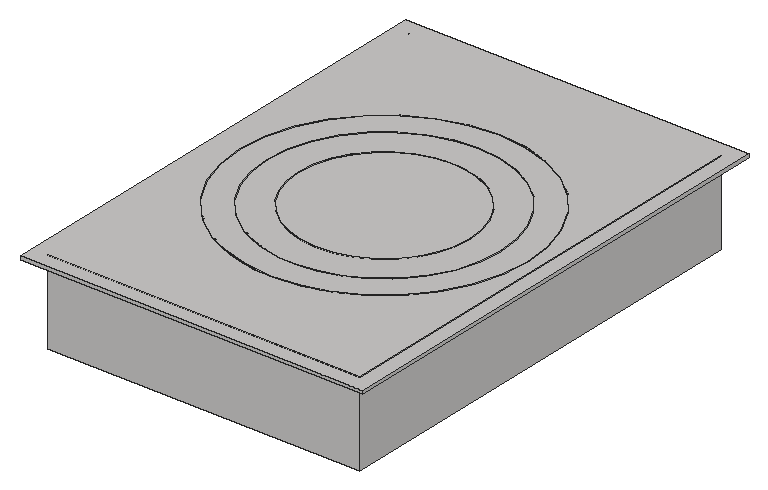
Revit family "VI414611", category Generic Models, Revit 2014
Parameters (values of type "VI414611")
  Width = 380 mm
  URL = "http://www.gaggenau.com."
  Model = "VI414611"
  Manufacturer = "Gaggenau"
  Height = 93 mm
  Unit = Metal Panel
  Description = "Gaggenau Vario 400 series induction cooktop, induction wok"
  Depth = 535 mm
Reference planes
  plane 1 "Center (Front/Back)": y = 0
  plane 2: z = 0
  plane 3 "Center (Left/Right)": x = 0
  plane 4: x = -190
  plane 5: x = 190
  plane 6: y = 267.5
  plane 7: y = -267.5
  plane 8: z = 93
  plane 9: z = 90
Forms (mm)
  Extrusion 1, solid, material "Metal Panel" <- "Unit"
    sketch origin (0, 0, 0) x (1, 0, 0) y (0, 1, 0)
      loop
        line (-190, 267.5) -> (-190, -267.5) -> (190, -267.5) -> (190, 267.5) -> (-190, 267.5)
      loop
        circle (0, 0) r 160
      loop
        circle (0, 0) r 159.214
      loop
        circle (0, 0) r 130
      loop
        circle (0, 0) r 129.443
      loop
        circle (0, 0) r 95
      loop
        circle (0, 0) r 94.824
    from 90 to 93
  Extrusion 2, solid, material "Metal Panel" <- "Unit"
    sketch origin (0, 0, 0) x (1, 0, 0) y (0, 1, 0)
      loop
        line (-173, 250.5) -> (-173, -250.5) -> (173, -250.5) -> (173, 250.5) -> (-173, 250.5)
    from 0 to 93
Dimensions and locks
  equal spacing: plane 4, plane 3 "Center (Left/Right)", plane 5
  equal spacing: plane 6, plane 1 "Center (Front/Back)", plane 7
  "Width": plane 4 to plane 5
  "Depth": plane 6 to plane 7
  "Height": plane 8 to plane 2
  plane 8 to plane 9 = 3 mm
  aligned and locked: level to plane 2
Automatic sketch dimensions
  Extrusion 1 sketch curve to Extrusion 1 sketch curve = 0 mm  (x30)
  Extrusion 1 sketch curve to plane 4 = 0 mm
  plane 1 "Center (Front/Back)" to Extrusion 1 sketch curve = 0 mm
  Extrusion 1 sketch curve to plane 3 "Center (Left/Right)" = 0 mm
  Extrusion 1 sketch curve to plane 5 = 0 mm
  plane 7 to Extrusion 1 sketch curve = 0 mm
  Extrusion 1 sketch curve to plane 6 = 0 mm
  plane 4 to Extrusion 2 sketch curve = 17 mm
  plane 5 to Extrusion 2 sketch curve = 17 mm
  Extrusion 2 sketch curve to plane 7 = 17 mm
  Extrusion 2 sketch curve to plane 6 = 17 mm
  radius of Extrusion 1 sketch curve = 160 mm
  radius of Extrusion 1 sketch curve = 159.214 mm
  radius of Extrusion 1 sketch curve = 130 mm
  radius of Extrusion 1 sketch curve = 129.443 mm
  radius of Extrusion 1 sketch curve = 95 mm
  radius of Extrusion 1 sketch curve = 94.824 mm
